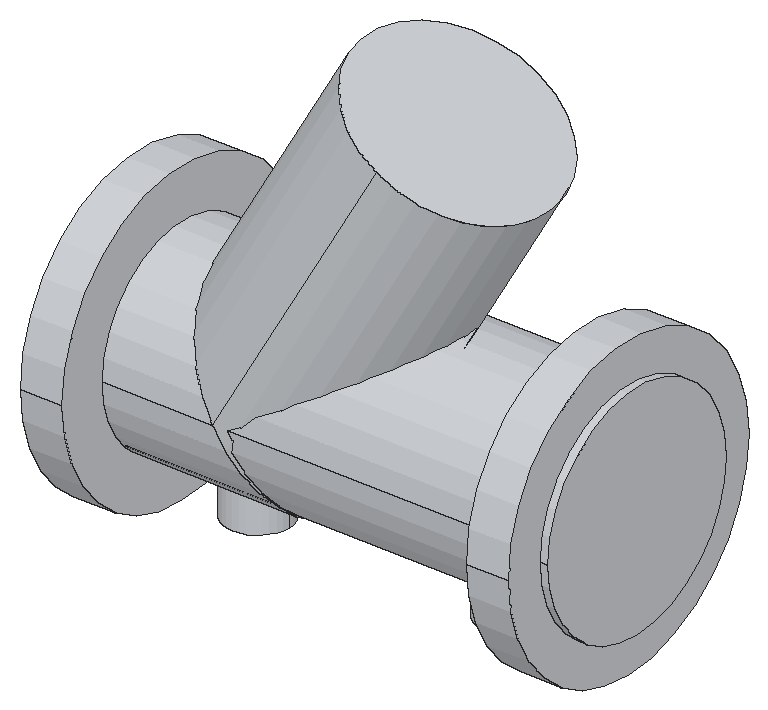
Revit family "HS 821-síto_standard-PN16-DN150-RFA_2018", category Pipe Accessories, Revit 2018
Family settings
  Round Connector Dimension = Use Diameter
  Part Type = Breaks Into
  Work Plane-Based = No
  Always vertical = Yes
  Cut with Voids When Loaded = No
  Shared = No
Parameters (values of type "821A-DN150-PN16-síto_standard")
  magiProductId = "2de770284b654863ae6bc865769dc5"
  magiProductFamilyId = "79214ac3aaa945e397802f559f5c1e"
  magiPartTypeId = 307
  isMeasuringValve [instance] = no
  ang2D [instance] = 0.00°
  ZB__ve = -ZB  # -44.75 mm
  ZB1 = 85.455 mm
  ZB = 44.75 mm
  X2 = 155.885 mm
  X1 = 67.2 mm
  W2D = 15 mm
  VersionID = "2.0/2017.9.26.1/ZETKAMA_821_001"
  Use Minimum Symbol Size [instance] = yes
  URL = "www.hydronix.cz"
  Type Comments = "Filtr přírubový; síto standardní; A-PN16 (-10~300°C); D-PN25 (-10~350°C); F-PN40 (-10~400°C)"
  S = 211 mm
  QmdConnectorList = "301;D;302;D"
  Productdata [instance] = ""
  Manufacturer = "Hydronix"
  MC Product Code = "200 192 (821A; DN150; PN16; kvs403; oko síta 1,60mm)"
  LM1 = 38.4 mm
  LM = 384 mm
  L4 = 120 mm
  L2D_Min = 3048 mm
  L2D = 130 mm
  L2 = 240 mm
  HH2 = 270 mm
  FD = 285 mm
  Description = "Filtr přírubový; síto standardní; 821A-PN16; 821D-PN25; 821F-PN40"
  DM1 = 192 mm
  DM = 189.9 mm
  D = 150 mm
  CC = 8.16 mm
  CAT0 = yes
  C1 = 39.84 mm
  C = 48 mm
  BD = 59.818 mm
Types (40, lengths in mm): name | magiProductId | ZB__ve | ZB1 | ZB | X2 | X1 | S | MC Product Code | LM1 | LM | L4 | L2 | HH2 | FD | DM1 | DM | D | CC | C1 | C | BD
  821A-DN015-PN16-síto_standard | "a71bcfe8b393460598b23e8ddf7dc5" | -16.25 | 18.63 | 16.25 | 46.982 | 18.2 | 46 | "200 115 (821A; DN015; PN16; kvs6,3; oko síta 1,00mm)" | 10.4 | 104 | 32.5 | 65 | 81.375 | 95 | 27.6 | 41.4 | 15 | 2.21 | 10.79 | 13 | 13.041
  821A-DN020-PN16-síto_standard | "41cd6c7a12924f4991217528336076" | -17.75 | 22.68 | 17.75 | 51.673 | 21 | 56 | "200 120 (821A; DN020; PN16; kvs11,2; oko síta 1,00mm)" | 12 | 120 | 37.5 | 75 | 89.5 | 105 | 33.6 | 50.4 | 20 | 2.55 | 12.45 | 15 | 15.876
  821A-DN025-PN16-síto_standard | "be378b463ed14c3abf4c9b3ae8cf3a" | -19.25 | 26.325 | 19.25 | 58.601 | 22.4 | 65 | "200 125 (821A; DN025; PN16; kvs14,7; oko síta 1,00mm)" | 12.8 | 128 | 40 | 80 | 101.5 | 115 | 43.2 | 58.5 | 25 | 2.72 | 13.28 | 16 | 18.427
  821A-DN032-PN16-síto_standard | "227a0d18b21540afabe8b6067d35fa" | -23 | 30.78 | 23 | 68.849 | 25.2 | 76 | "200 132 (821A; DN032; PN16; kvs23,7; oko síta 1,00mm)" | 14.4 | 144 | 45 | 90 | 119.25 | 140 | 50.4 | 68.4 | 32 | 3.06 | 14.94 | 18 | 21.546
  821A-DN040-PN16-síto_standard | "d106917c74724141a10440112d0102" | -24.5 | 34.02 | 24.5 | 75.777 | 28 | 84 | "200 140 (821A; DN040; PN16; kvs37,7; oko síta 1,00mm)" | 16 | 160 | 50 | 100 | 131.25 | 150 | 60 | 75.6 | 40 | 3.4 | 16.6 | 20 | 23.814
  821A-DN050-PN16-síto_standard | "8255d456a09e4f6486734f5dd9171b" | -26.75 | 40.095 | 26.75 | 79.061 | 32.2 | 99 | "200 150 (821A; DN050 PN16; kvs57,9; oko síta 1,00mm)" | 18.4 | 184 | 57.5 | 115 | 136.938 | 165 | 73.8 | 89.1 | 50 | 3.91 | 19.09 | 23 | 28.066
  821A-DN065-PN16-síto_standard | "235b1b3e4c0843779a4d5e3716d40a" | -29.75 | 47.79 | 29.75 | 86.927 | 40.6 | 118 | "200 165 (821A; DN065; PN16; kvs101,5; oko síta 1,25mm)" | 23.2 | 232 | 72.5 | 145 | 150.562 | 185 | 94.2 | 106.2 | 65 | 4.93 | 24.07 | 29 | 33.453
  821A-DN080-PN16-síto_standard | "a067f7c5236348ed8c820d16df7214" | -32 | 53.46 | 32 | 104.753 | 43.4 | 132 | "200 180 (821A; DN080; PN16; kvs147,4; oko síta 1,25mm)" | 24.8 | 248 | 77.5 | 155 | 181.438 | 200 | 107.4 | 118.8 | 80 | 5.27 | 25.73 | 31 | 37.422
  821A-DN100-PN16-síto_standard | "c49a648c2747461285837d643703cd" | -35 | 63.18 | 35 | 114.857 | 49 | 156 | "200 190 (821A; DN100; PN16; kvs209,6; oko síta 1,60mm)" | 28 | 280 | 87.5 | 175 | 198.937 | 220 | 131.4 | 140.4 | 100 | 5.95 | 29.05 | 35 | 44.226
  821A-DN125-PN16-síto_standard | "bf68e728a163493cbd2a663b26ebdc" | -39.5 | 74.52 | 39.5 | 131.888 | 56 | 184 | "200 191 (821A; DN125; PN16; kvs326,2; oko síta 1,60mm)" | 32 | 320 | 100 | 200 | 228.438 | 250 | 165 | 165.6 | 125 | 6.8 | 33.2 | 40 | 52.164
  821A-DN150-PN16-síto_standard | "2de770284b654863ae6bc865769dc5" | -44.75 | 85.455 | 44.75 | 155.885 | 67.2 | 211 | "200 192 (821A; DN150; PN16; kvs403; oko síta 1,60mm)" | 38.4 | 384 | 120 | 240 | 270 | 285 | 192 | 189.9 | 150 | 8.16 | 39.84 | 48 | 59.818
  821A-DN200-PN16-síto_standard | "8e5693371ab64aabb29a7f08c76e15" | -53 | 107.73 | 53 | 188.361 | 84 | 266 | "200 193 (821A; DN200; PN16; kvs707; oko síta 1,60mm)" | 48 | 480 | 150 | 300 | 326.25 | 340 | 252 | 239.4 | 200 | 10.2 | 49.8 | 60 | 75.411
  821A-DN250-PN16-síto_standard | "05e37ed948c34047acdd4c42556504" | -62.75 | 129.195 | 62.75 | 255.911 | 102.2 | 319 | "200 194 (821A; DN250; PN16; kvs1234; oko síta 1,60mm)" | 58.4 | 584 | 182.5 | 365 | 443.25 | 405 | 309.6 | 287.1 | 250 | 12.41 | 60.59 | 73 | 90.436
  821A-DN300-PN16-síto_standard | "9ad0af747269428da925480d83ce80" | -71 | 149.85 | 71 | 325.914 | 119 | 370 | "200 195 (821A; DN300; PN16; kvs1916; oko síta 1,60mm)" | 68 | 680 | 212.5 | 425 | 564.5 | 460 | 369.6 | 333 | 300 | 14.45 | 70.55 | 85 | 104.895
  821A-DN350-PN16-síto_standard | "eebc71459bb3451bb4355e7951370a" | -80 | 173.745 | 80 | 356.875 | 137.2 | 429 | "200 196 (821A; DN350; PN16; kvs2621; oko síta 1,60mm)" | 78.4 | 784 | 245 | 490 | 618.125 | 520 | 438 | 386.1 | 350 | 16.66 | 81.34 | 98 | 121.621
  821A-DN400-PN16-síto_standard | "d2f677cb196647e385b2590e7d8abe" | -89 | 194.4 | 89 | 392.237 | 154 | 480 | "200 197 (821A; DN400; PN16; kvs3460; oko síta 1,60mm)" | 88 | 880 | 275 | 550 | 679.375 | 580 | 498 | 432 | 400 | 18.7 | 91.3 | 110 | 136.08
  821D-DN015-PN25-síto_standard | "27ddcbf555414f8ca1fde329bf9087" | -16.25 | 18.63 | 16.25 | 46.982 | 18.2 | 46 | "200 215 (821D; DN015; PN25; kvs6,3; oko síta 1,00mm)" | 10.4 | 104 | 32.5 | 65 | 81.375 | 95 | 27.6 | 41.4 | 15 | 2.21 | 10.79 | 13 | 13.041
  821D-DN020-PN25-síto_standard | "270e0f14012f47189cd0235c18faee" | -17.75 | 22.68 | 17.75 | 51.673 | 21 | 56 | "200 220 (821D; DN020; PN25; kvs11,2; oko síta 1,00mm)" | 12 | 120 | 37.5 | 75 | 89.5 | 105 | 33.6 | 50.4 | 20 | 2.55 | 12.45 | 15 | 15.876
  821D-DN025-PN25-síto_standard | "b9a7fb4aa36643878c637d8e1ab992" | -19.25 | 26.325 | 19.25 | 58.601 | 22.4 | 65 | "200 225 (821D; DN025; PN25; kvs14,7; oko síta 1,00mm)" | 12.8 | 128 | 40 | 80 | 101.5 | 115 | 43.2 | 58.5 | 25 | 2.72 | 13.28 | 16 | 18.427
  821D-DN032-PN25-síto_standard | "6be9a55c4e68400f94eec7e804204c" | -23 | 30.78 | 23 | 68.849 | 25.2 | 76 | "200 232 (821D; DN032; PN25; kvs23,7; oko síta 1,00mm)" | 14.4 | 144 | 45 | 90 | 119.25 | 140 | 50.4 | 68.4 | 32 | 3.06 | 14.94 | 18 | 21.546
  821D-DN040-PN25-síto_standard | "c54511bd7f584ec2984291479612cb" | -24.5 | 34.02 | 24.5 | 75.777 | 28 | 84 | "200 240 (821D; DN040; PN25; kvs37,7; oko síta 1,00mm)" | 16 | 160 | 50 | 100 | 131.25 | 150 | 60 | 75.6 | 40 | 3.4 | 16.6 | 20 | 23.814
  821D-DN050-PN25-síto_standard | "5483b1f596b04cd39b23a14a22c90e" | -26.75 | 40.095 | 26.75 | 79.061 | 32.2 | 99 | "200 250 (821D; DN050; PN25; kvs57,9; oko síta 1,00mm)" | 18.4 | 184 | 57.5 | 115 | 136.938 | 165 | 73.8 | 89.1 | 50 | 3.91 | 19.09 | 23 | 28.066
  821D-DN065-PN25-síto_standard | "767b0f8318e94750bc7a9930ed5b30" | -29.75 | 47.79 | 29.75 | 86.927 | 40.6 | 118 | "200 265 (821D; DN065; PN25; kvs101,5; oko síta 1,25mm)" | 23.2 | 232 | 72.5 | 145 | 150.562 | 185 | 94.2 | 106.2 | 65 | 4.93 | 24.07 | 29 | 33.453
  821D-DN080-PN25-síto_standard | "e21040fa3cc2404b858198f6b73709" | -32 | 53.46 | 32 | 104.753 | 43.4 | 132 | "200 280 (821D; DN080; PN25; kvs147,4; oko síta 1,25mm)" | 24.8 | 248 | 77.5 | 155 | 181.438 | 200 | 107.4 | 118.8 | 80 | 5.27 | 25.73 | 31 | 37.422
  821D-DN100-PN25-síto_standard | "175ca87a506b40b3bc6b82f12f33cf" | -37.25 | 63.18 | 37.25 | 114.857 | 49 | 156 | "200 290 (821D; DN100; PN25; kvs209,6; oko síta 1,60mm)" | 28 | 280 | 87.5 | 175 | 198.937 | 235 | 131.4 | 140.4 | 100 | 5.95 | 29.05 | 35 | 44.226
  821D-DN125-PN25-síto_standard | "77cc98d60da24855999a22dff726b2" | -42.5 | 74.52 | 42.5 | 131.888 | 56 | 184 | "200 291 (821D; DN125; PN25; kvs326,2; oko síta 1,60mm)" | 32 | 320 | 100 | 200 | 228.438 | 270 | 165 | 165.6 | 125 | 6.8 | 33.2 | 40 | 52.164
  821D-DN150-PN25-síto_standard | "9cf8acfcd15547d68e83172d3abcbe" | -47 | 85.455 | 47 | 155.885 | 67.2 | 211 | "200 292 (821D; DN150; PN25; kvs403; oko síta 1,60mm)" | 38.4 | 384 | 120 | 240 | 270 | 300 | 192 | 189.9 | 150 | 8.16 | 39.84 | 48 | 59.818
  821D-DN200-PN25-síto_standard | "16973f3c9ea14389ba8602495a6b64" | -56 | 110.97 | 56 | 188.361 | 84 | 274 | "200 293 (821D; DN200; PN25; kvs707; oko síta 1,60mm)" | 48 | 480 | 150 | 300 | 326.25 | 360 | 252 | 246.6 | 200 | 10.2 | 49.8 | 60 | 77.679
  821F-DN015-PN40-síto_standard | "4c7eaf3c4c0340888b3e684d8a8616" | -16.25 | 18.225 | 16.25 | 46.982 | 18.2 | 45 | "240 615 (821F; DN015; PN40; kvs6,3; oko síta 1,00mm)" | 10.4 | 104 | 32.5 | 65 | 81.375 | 95 | 27.6 | 40.5 | 15 | 2.21 | 10.79 | 13 | 12.757
  821F-DN020-PN40-síto_standard | "aaac5f1ec96b44d6ba96ac2293d66d" | -17.75 | 23.49 | 17.75 | 51.673 | 21 | 58 | "240 620 (821F; DN020; PN40; kvs11,2; oko síta 1,00mm)" | 12 | 120 | 37.5 | 75 | 89.5 | 105 | 33.6 | 52.2 | 20 | 2.55 | 12.45 | 15 | 16.443
  821F-DN025-PN40-síto_standard | "504768023968471481789485b54c7e" | -19.25 | 27.54 | 19.25 | 58.601 | 22.4 | 68 | "240 625 (821F; DN025; PN40; kvs14,7; oko síta 1,00mm)" | 12.8 | 128 | 40 | 80 | 101.5 | 115 | 43.2 | 61.2 | 25 | 2.72 | 13.28 | 16 | 19.278
  821F-DN032-PN40-síto_standard | "165e7f39cf744f329bdf1c400dad12" | -23 | 31.59 | 23 | 68.849 | 25.2 | 78 | "240 632 (821F; DN032; PN40; kvs23,7; oko síta 1,00mm)" | 14.4 | 144 | 45 | 90 | 119.25 | 140 | 50.4 | 70.2 | 32 | 3.06 | 14.94 | 18 | 22.113
  821F-DN040-PN40-síto_standard | "b8903f952089408fbf3a5a632bab1f" | -24.5 | 35.64 | 24.5 | 75.777 | 28 | 88 | "240 640 (821F; DN040; PN40; kvs37,7; oko síta 1,00mm)" | 16 | 160 | 50 | 100 | 131.25 | 150 | 60 | 79.2 | 40 | 3.4 | 16.6 | 20 | 24.948
  821F-DN050-PN40-síto_standard | "c451f97266fe48da8f879cb6a2bd44" | -26.75 | 41.31 | 26.75 | 79.061 | 32.2 | 102 | "240 650 (821F; DN050; PN40; kvs57,9; oko síta 1,00mm)" | 18.4 | 184 | 57.5 | 115 | 136.938 | 165 | 73.8 | 91.8 | 50 | 3.91 | 19.09 | 23 | 28.917
  821F-DN065-PN40-síto_standard | "dc9821e3f9b34e128f6a8c6b34c198" | -29.75 | 49.41 | 29.75 | 86.927 | 40.6 | 122 | "240 665 (821F; DN065; PN40; kvs101,5; oko síta 1,25mm)" | 23.2 | 232 | 72.5 | 145 | 150.562 | 185 | 94.2 | 109.8 | 65 | 4.93 | 24.07 | 29 | 34.587
  821F-DN080-PN40-síto_standard | "689aa1e260f84cf4994f027a1d86b5" | -32 | 55.89 | 32 | 104.753 | 43.4 | 138 | "240 680 (821F; DN080; PN40; kvs147,4; oko síta 1,25mm)" | 24.8 | 248 | 77.5 | 155 | 181.438 | 200 | 107.4 | 124.2 | 80 | 5.27 | 25.73 | 31 | 39.123
  821F-DN100-PN40-síto_standard | "8a45d4e8e2ab425f8c432f21d684f3" | -37.25 | 65.61 | 37.25 | 114.857 | 49 | 162 | "240 690 (821F; DN100; PN40; kvs209,6; oko síta 1,6mm)" | 28 | 280 | 87.5 | 175 | 198.937 | 235 | 131.4 | 145.8 | 100 | 5.95 | 29.05 | 35 | 45.927
  821F-DN125-PN40-síto_standard | "cf073904c006406b8645afa67ea2fc" | -42.5 | 76.14 | 42.5 | 131.888 | 56 | 188 | "240 691 (821F; DN125; PN40; kvs326,2; oko síta 1,6mm)" | 32 | 320 | 100 | 200 | 228.438 | 270 | 165 | 169.2 | 125 | 6.8 | 33.2 | 40 | 53.298
  821F-DN150-PN40-síto_standard | "0153b9ddabe14992a630484929fdbc" | -47 | 88.29 | 47 | 155.885 | 67.2 | 218 | "240 692 (821F; DN150; PN40; kvs403; oko síta 1,6mm)" | 38.4 | 384 | 120 | 240 | 270 | 300 | 192 | 196.2 | 150 | 8.16 | 39.84 | 48 | 61.803
  821F-DN200-PN40-síto_standard | "7fb3fc01dd8d42428c203e3f8dd4d5" | -56 | 115.425 | 56 | 188.361 | 84 | 285 | "240 693 (821F; DN200; PN40; kvs707; oko síta 1,6mm)" | 48 | 480 | 150 | 300 | 326.25 | 360 | 252 | 256.5 | 200 | 10.2 | 49.8 | 60 | 80.797
Reference planes
  plane 1 "Center (Front/Back)": y = 0
  plane 2 "XYPLANE": z = 0
  plane 3 "Center (Left/Right)": x = 0
  plane 4 "109": x = -153.6
  plane 5 "108": x = 192
  plane 6 "107": x = -192
  plane 7 "105": x = 240
  plane 8 "104": x = -240
  plane 9 "103": y = 0
  plane 10 "102": z = 0
  plane 11 "101": x = -231.84
  plane 12 "100": x = 231.84
  plane 13 "11": x = -86.4
  plane 14 "10": z = 270
  plane 15 "9": x = 69.485
  plane 16 "5": z = -85.455
  plane 17 "4": x = -120
  plane 18 "1": x = 120
Forms (mm)
  Extrusion 1, solid, visible <- "CAT0"
    sketch origin (-192, -750, 0) x (0, 1, 0) y (0, 0, 1)
      loop
        circle (750, 0) r 94.95
    from 0 to 384 <- "LM"
  Extrusion 2, solid
    sketch origin (-240, -750, 0) x (0, 1, 0) y (0, 0, 1)
      loop
        circle (750, 0) r 105.5
    from 0 to 8.16 <- "CC"
  Extrusion 3, solid
    sketch origin (-231.84, -750, 0) x (0, 1, 0) y (0, 0, 1)
      loop
        circle (750, 0) r 142.5
    from 0 to 39.84 <- "C1"
  Extrusion 4, solid
    sketch origin (192, -750, 0) x (0, 1, 0) y (0, 0, 1)
      loop
        circle (750, 0) r 142.5
    from 0 to 39.84 <- "C1"
  Extrusion 5, solid
    sketch origin (231.84, -750, 0) x (0, 1, 0) y (0, 0, 1)
      loop
        circle (750, 0) r 105.5
    from 0 to 8.16 <- "CC"
  Sweep 6, solid, visible <- "CAT0"
    path origin (750, 0, 0) x (-1, 0, 0) y (0, 0, 1)
      loop
        line (942, 0) -> (836.4, 0) -> (680.515, 270)
    profile origin (-192, 0, 0) x (0, 0, -1) y (0, 1, 0)
      loop
        circle (0, 0) r 96
  Extrusion 7, solid, visible <- "CAT0"
    sketch origin (-750, 0, -85.455) x (1, 0, 0) y (0, 1, 0)
      loop
        circle (630, 0) r 29.909
    from 0 to -44.75 <- "ZB__ve"
  Extrusion 8, solid, visible <- "CAT0"
    sketch origin (-750, 0, -85.455) x (1, 0, 0) y (0, 1, 0)
      loop
        circle (870, 0) r 29.909
    from 0 to -44.75 <- "ZB__ve"
  Extrusion 9, solid, not visible
    sketch origin (240, -750, 0) x (0, 1, 0) y (0, 0, 1)
      loop
        circle (750, 0) r 10
    from 0 to -10
  Extrusion 10, solid, not visible
    sketch origin (-240, -750, 0) x (0, 1, 0) y (0, 0, 1)
      loop
        circle (750, 0) r 10
    from 0 to 10
Lines and regions (mm)
  reference lines, not visible
    curve 1: circle (2, 2, 0) r 1 normal (0, 0, 1)
Dimensions and locks
  plane 1 "Center (Front/Back)" to curve 1 = 2 mm
  "LM1": plane 6 "107" to plane 4 "109"
  "LM": plane 6 "107" to plane 5 "108"
  "C": plane 8 "104" to plane 6 "107"
  "L2": plane 3 "Center (Left/Right)" to plane 7 "105"
  "L2": plane 3 "Center (Left/Right)" to plane 8 "104"
  locked: plane 1 "Center (Front/Back)" to plane 9 "103"
  locked: plane 2 "XYPLANE" to plane 10 "102"
  "CC": plane 8 "104" to plane 11 "101"
  "C1": plane 5 "108" to plane 12 "100"
  "X1": plane 4 "109" to plane 13 "11"
  "HH2": plane 2 "XYPLANE" to plane 14 "10"
  "X2": plane 13 "11" to plane 15 "9"
  "ZB1": plane 2 "XYPLANE" to plane 16 "5"
  "L4": plane 8 "104" to plane 17 "4"
  "L2": plane 17 "4" to plane 18 "1"
  Sweep 6 sketch curve to Sweep 6 sketch curve = 0 mm  (x2)
  "DM": diameter of Extrusion 1 sketch curve
  "S": diameter of Extrusion 2 sketch curve
  "FD": diameter of Extrusion 3 sketch curve
  "FD": diameter of Extrusion 4 sketch curve
  "S": diameter of Extrusion 5 sketch curve
  "DM1": diameter of Sweep 6 sketch curve
  "BD": diameter of Extrusion 7 sketch curve
  "BD": diameter of Extrusion 8 sketch curve
  aligned and locked: level to plane 2 "XYPLANE"
  aligned and locked: Extrusion 1 sketch curve to plane 9 "103"
  aligned and locked: plane 10 "102" to Extrusion 1 sketch curve
  aligned and locked: Extrusion 2 sketch curve to plane 9 "103"
  aligned and locked: plane 10 "102" to Extrusion 2 sketch curve
  aligned and locked: Extrusion 3 sketch curve to plane 9 "103"
  aligned and locked: plane 10 "102" to Extrusion 3 sketch curve
  aligned and locked: Extrusion 4 sketch curve to plane 9 "103"
  aligned and locked: plane 10 "102" to Extrusion 4 sketch curve
  aligned and locked: Extrusion 5 sketch curve to plane 9 "103"
  aligned and locked: plane 10 "102" to Extrusion 5 sketch curve
  aligned and locked: Sweep 6 sketch curve to plane 9 "103"
  aligned and locked: plane 10 "102" to Sweep 6 sketch curve  (x3)
  aligned and locked: plane 6 "107" to Sweep 6 sketch curve
  aligned and locked: plane 13 "11" to Sweep 6 sketch curve
  aligned and locked: plane 14 "10" to Sweep 6 sketch curve
  aligned and locked: plane 15 "9" to Sweep 6 sketch curve
  aligned and locked: plane 9 "103" to Extrusion 7 sketch curve
  aligned and locked: plane 17 "4" to Extrusion 7 sketch curve
  aligned and locked: plane 9 "103" to Extrusion 8 sketch curve
  aligned and locked: plane 18 "1" to Extrusion 8 sketch curve
  aligned and locked: Extrusion 9 sketch curve to plane 9 "103"
  aligned and locked: plane 10 "102" to Extrusion 9 sketch curve
  aligned and locked: Extrusion 10 sketch curve to plane 9 "103"
  aligned and locked: plane 10 "102" to Extrusion 10 sketch curve
Automatic sketch dimensions
  plane 1 "Center (Front/Back)" to Extrusion 9 sketch curve = 10 mm
  plane 1 "Center (Front/Back)" to Extrusion 10 sketch curve = 10 mm
  plane 3 "Center (Left/Right)" to curve 1 = 2 mm
  radius of curve 1 = 1 mm
Connectors
  piping at (-240, 0, 0), diameter 150, driven by "D"
    settings: on Extrusion 10, index 1, connector inside diameter 609.6 mm, connector length 0 mm, flow factor 0, pipe flow 0.0 L/s, pressure drop 0.0 Pa, fitting loss kfactor 0, connector angle 0.00°, fixture units 0, engagement length 0 mm, angle of deflection 0.00°, flow configuration 0, flow direction 0, fitting loss method 0, system type 29, joint type 0, gender type 0, connector reference index 2, connector utility 0, adjustable connector no, is connector primary yes, connector description ""
  piping at (240, 0, 0), diameter 150, driven by "D"
    settings: on Extrusion 9, index 2, connector inside diameter 609.6 mm, connector length 0 mm, flow factor 0, pipe flow 0.0 L/s, pressure drop 0.0 Pa, fitting loss kfactor 0, connector angle 0.00°, fixture units 0, engagement length 0 mm, angle of deflection 0.00°, flow configuration 0, flow direction 0, fitting loss method 0, system type 29, joint type 0, gender type 0, connector reference index 1, connector utility 0, adjustable connector no, is connector primary no, connector description ""
